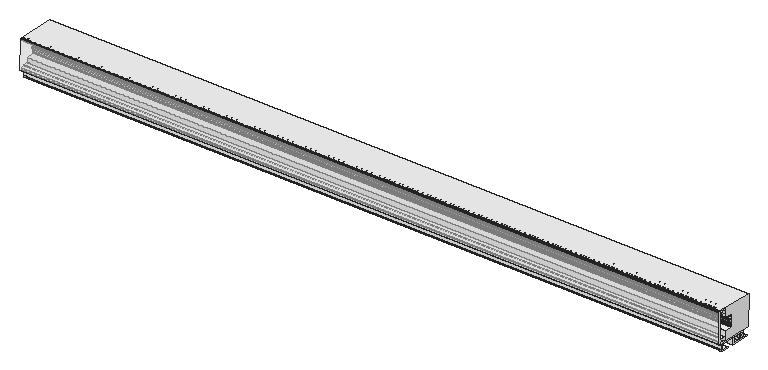
Revit family "2L-WS-D_AR", category Lighting Fixtures, host Face, Revit 2014
Parameters (values of type "2L-WS-D-4-NRW")
  Width = 2.500"  # constant formula
  Wattage = 34 W
  Warranty = "5-Years Warranty"  # constant formula
  built-in parameter 1150110 = 1 (stored number, unit not read)
  Voltage = 120 V
  Type Comments = "Lighting Fixture"  # constant formula
  built-in parameter 1114217 = 1 (stored number, unit not read)
  Tilt Angle = 90.00°
  built-in parameter 1150109 = 1 (stored number, unit not read)
  built-in parameter 1150134 = (empty or 0)
  built-in parameter 1150113 = 1 (stored number, unit not read)
  Starting Length = (Row Length / 2) * -1  # -24.000"
  Power Factor = 1
  Photometric Web File = "2L-WS-D-4-NRW-X-CX-35K-D035.ies"
  Photometric Notes = "More IES files download on Photometric Link"  # constant formula
  Row Length = 48.000"
  Wattage Comments = "18W"
  URL = "https://www.hubbell.com/litecontrol/en/"
  Mounting = "Perimeter"  # constant formula
  Model = "MOD™ 2 LED Perimeter Wall/Slot® Direct"  # constant formula
  Manufacturer = "Litecontrol Lighting"  # constant formula
  built-in parameter 1150105 = 265.15 (stored number, unit not read)
  Lumens = 3332 lm
  built-in parameter 1150115 = 1 (stored number, unit not read)
  Load Classification = Lighting
  built-in parameter 1150137 = (empty or 0)
  built-in parameter 1150139 = (empty or 0)
  built-in parameter 1150112 = 1 (stored number, unit not read)
  built-in parameter 1150114 = 1 (stored number, unit not read)
  Lamp = "LED"  # constant formula
  built-in parameter 1150132 = (empty or 0)
  built-in parameter 1150102 = (empty or 0)
  built-in parameter 1150107 = 3500 (stored number, unit not read)
  built-in parameter 1150138 = (empty or 0)
  built-in parameter 1150106 = 2.6515 (stored number, unit not read)
  Height = 10.500"  # constant formula
  Glass = Paint - Hubbell - Textured Matte White
  Fixture Distribution = "Direct"  # constant formula
  Features = "Variable Intensity technology provides specifiable\r\nlumen output/wattage\r\n• Perimeter mount with 4 regression depths\r\n• 2 SDCM color variation"  # constant formula
  Ending Length = (Row Length / 2)  # 24.000"
  Emit from Rectangle Width = Row Length - 1.000"  # 47.000"
  Emit from Rectangle Length = Width  # 2.500"
  Emit Shape Visible in Rendering = no
  built-in parameter 1150104 = 9.1045 (stored number, unit not read)
  Dimming Lamp Color Temperature Shift = <None>
  Description = "MOD™ 2 LED Perimeter Wall/Slot® Direct"  # constant formula
  Default Elevation = 48.000"
  Create Date = "02/18/2019"  # constant formula
  Copyright = "Copyright © 2019 Litecontrol"  # constant formula
  Contact Us = "https://www.hubbell.com/hubbelllightingci/en/contactUS"
  Color Filter = 16777215
  Circuiting = "1Circuit"  # constant formula
  Bulb = Glass - Hubbell - White
  built-in parameter 1114218 = 1 (stored number, unit not read)
  Housing Material = Paint - Hubbell - Matte White
  built-in parameter 1150133 = 10 (stored number, unit not read)
  Assembly Code = "D5020200"
  Application = "Commercial Indoor,Institutional,Retail,Education,Healthcare,Library,Office,Perimeter Lighting,Public Space"  # constant formula
  Apparent Load = 0 VA
Types (3): name | Photometric Web File
  (no name) | "2L-WS-D-4-NRW-X-CX-35K-D035.ies"
  2L-WS-D-4-NRW | "2L-WS-D-4-NRW-X-CX-35K-D035.ies"
  2L-WS-D-4-SOF | "2L-WSx-D-4-SOF-X-CX-35K-D035.ies"
Reference planes (in)
  plane 1 "Center (Front/Back)": y = 13.01342
  plane 2: z = 0
  plane 3 "Center (Left/Right)": x = 0
  plane 4: x = -24
  plane 5: x = 24
  plane 6: z = 2.5
  plane 7: z = 0.625
  plane 8: y = 14.29542
  plane 9: y = 11.73142
Forms (in)
  Extrusion 1, solid, material "Paint - Hubbell - Matte White" <- "Housing Material"
    sketch origin (0, 0, 0) x (0, 1, 0) y (0, 0, 1)
      loop
        line (14.29542, 2.5) -> (11.86412, 2.5) -> (11.86412, 2.45757) -> (12.37975, 2.45757) -> (12.37975, 1.95861) -> (12.87603, 1.89768) -> (12.87603, 1.08511) -> (12.40206, 1.02692) -> (12.37975, 0.51658) -> (11.87975, 0.51658) -> (11.87975, 0.4429) -> (14.29542, 0.4429) -> (14.29542, 2.5)
      loop
        line (11.73142, 2.45757) -> (11.73142, 0.51658) -> (11.81727, 0.51658) -> (11.81727, 0.58385) -> (12.09493, 0.66874)
        spline (12.09493, 0.66874) -> (12.13573, 0.62829) -> (12.16329, 0.60319) -> (12.18311, 0.59002) -> (12.20051, 0.58544) -> (12.21733, 0.5873) -> (12.23247, 0.59445) -> (12.24489, 0.60581) -> (12.2551, 0.621) -> (12.26478, 0.64008) -> (12.2755, 0.66316) -> (12.287, 0.6906) -> (12.2975, 0.72299)
        arc (12.2975, 0.72299) -> (12.28461, 0.74044) -> (12.26355, 0.73528) r 0.01957
        spline (12.26355, 0.73528) -> (12.19796, 0.67336) -> (12.16611, 0.66677) -> (12.14932, 0.68408) -> (12.1343, 0.70279) -> (12.11753, 0.71662) -> (12.09666, 0.72203) -> (12.06976, 0.71976) -> (12.03507, 0.71163) -> (11.99087, 0.69949) -> (11.93866, 0.68506) -> (11.88391, 0.66992) -> (11.83234, 0.65567)
        line (11.83234, 0.65567) -> (11.83234, 2.31848)
        spline (11.83234, 2.31848) -> (11.88391, 2.30422) -> (11.93866, 2.28909) -> (11.99087, 2.27465) -> (12.03507, 2.26251) -> (12.06976, 2.25439) -> (12.09666, 2.25212) -> (12.11753, 2.25752) -> (12.1343, 2.27136) -> (12.14932, 2.29007) -> (12.16611, 2.30737) -> (12.19796, 2.30079) -> (12.26355, 2.23886)
        arc (12.26355, 2.23886) -> (12.28461, 2.23371) -> (12.2975, 2.25115) r 0.01957
        spline (12.2975, 2.25115) -> (12.287, 2.28355) -> (12.2755, 2.31099) -> (12.26478, 2.33406) -> (12.2551, 2.35314) -> (12.24489, 2.36833) -> (12.23247, 2.3797) -> (12.21733, 2.38685) -> (12.20051, 2.38871) -> (12.18311, 2.38413) -> (12.16329, 2.37096) -> (12.13573, 2.34585) -> (12.09493, 2.3054)
        line (12.09493, 2.3054) -> (11.81727, 2.39029) -> (11.81727, 2.45757) -> (11.73142, 2.45757)
    from 24 <- "Ending Length" to -24 <- "Starting Length"
  Extrusion 2, solid, material "Paint - Hubbell - Matte White" <- "Housing Material"
    sketch origin (0, 0, 0) x (0, 1, 0) y (0, 0, 1)
      loop
        line (13.73893, 0.28651) -> (13.73893, 0.34654) -> (13.38127, 0.34654) -> (13.38127, 0.27501) -> (13.45408, 0.27501) -> (13.45408, 0.02465) -> (13.02871, 0.02465) -> (13.02871, 0.27501) -> (13.08619, 0.27501) -> (13.08619, 0.34654) -> (12.97634, 0.34654) -> (12.97634, -0.03056) -> (14.16829, -0.03056) -> (14.16829, 0.02465) -> (13.93692, 0.02465) -> (13.51539, 0.02465) -> (13.51539, 0.28651) -> (13.73893, 0.28651)
      loop
        line (13.74304, 0.18665) -> (13.57032, 0.18665) -> (13.57032, 0.13067) -> (13.73382, 0.13067)
        arc (13.73382, 0.13067) -> (13.79795, 0.15723) -> (13.82452, 0.22136) r 0.09069
        line (13.82452, 0.22136) -> (13.82452, 0.35165)
        arc (13.82452, 0.35165) -> (13.79795, 0.41578) -> (13.73382, 0.44235) r 0.09069
        line (13.73382, 0.44235) -> (12.09617, 0.44235)
        arc (12.09617, 0.44235) -> (12.03796, 0.42121) -> (12.00689, 0.36764) r 0.09069
        line (12.00689, 0.36764) -> (12.00689, 0.06165)
        arc (12.00689, 0.06165) -> (12.03796, 0.00808) -> (12.09617, -0.01306) r 0.09069
        line (12.09617, -0.01306) -> (12.49225, -0.01306) -> (12.49225, 0.04077) -> (12.08749, 0.04077)
        arc (12.08749, 0.04077) -> (12.06437, 0.05035) -> (12.05479, 0.07347) r 0.03269
        line (12.05479, 0.07347) -> (12.05479, 0.35582)
        arc (12.05479, 0.35582) -> (12.06437, 0.37894) -> (12.08749, 0.38852) r 0.03269
        line (12.08749, 0.38852) -> (13.74218, 0.38852)
        arc (13.74218, 0.38852) -> (13.76741, 0.37807) -> (13.77786, 0.35283) r 0.03568
        line (13.77786, 0.35283) -> (13.77786, 0.22147)
        arc (13.77786, 0.22147) -> (13.76766, 0.19685) -> (13.74304, 0.18665) r 0.03482
    from -24 <- "Starting Length" to 24 <- "Ending Length"
  Extrusion 3, solid, material "Glass - Hubbell - White" <- "Bulb"
    sketch origin (0, 0, 0) x (0, 1, 0) y (0, 0, 1)
      loop
        line (12.86642, 1.61441) -> (12.78239, 1.61441) -> (12.78239, 1.55936) -> (12.70029, 1.55936) -> (12.70029, 1.40771) -> (12.78239, 1.40771) -> (12.78239, 1.36908) -> (12.86642, 1.36908) -> (12.86642, 1.61441)
      loop
        line (12.87603, 1.68936) -> (12.87603, 1.89768) -> (12.78239, 1.90918) -> (12.78239, 1.84081) -> (12.80724, 1.81595) -> (12.80724, 1.76862) -> (12.84329, 1.76862) -> (12.84329, 1.68936) -> (12.87603, 1.68936)
      loop
        line (12.87603, 1.29413) -> (12.84329, 1.29413) -> (12.84329, 1.21487) -> (12.80724, 1.21487) -> (12.80724, 1.16754) -> (12.78239, 1.14269) -> (12.78239, 1.07432) -> (12.87603, 1.08581) -> (12.87603, 1.29413)
    from -24 <- "Starting Length" to 24 <- "Ending Length"
Dimensions and locks (in)
  "Row Length": plane 5 to plane 4
  equal spacing: plane 5, plane 3 "Center (Left/Right)", plane 4
  "Width": plane 6 to plane 2
  plane 6 to plane 2 = 2.500"
  plane 6 to host face = 2.500"
  plane 8 to plane 9 = 2.564"
  aligned and locked: plane 2 to host face
  aligned and locked: level to host face
  aligned and locked: imposter light to plane 3 "Center (Left/Right)"
Automatic sketch dimensions
  host sketch curve to host sketch curve = 96.000"  (x2)
  Extrusion 1 sketch curve to plane 9 = 0.000"
  Extrusion 1 sketch curve to plane 6 = 0.000"
  Extrusion 1 sketch curve to plane 8 = 0.000"
  Extrusion 1 sketch curve to plane 9 = 0.08585"
  Extrusion 1 sketch curve to Extrusion 1 sketch curve = 0.08585"
  plane 7 to Extrusion 1 sketch curve = 0.03067"
  Extrusion 1 sketch curve to Extrusion 1 sketch curve = 0.01507"
  Extrusion 1 sketch curve to Extrusion 1 sketch curve = 0.04685"
  Extrusion 1 sketch curve to Extrusion 1 sketch curve = 0.2626"  (x2)
  plane 7 to Extrusion 1 sketch curve = 0.04374"
  plane 7 to Extrusion 1 sketch curve = 0.11028"
  Extrusion 1 sketch curve to Extrusion 1 sketch curve = 0.16862"  (x2)
  Extrusion 1 sketch curve to plane 6 = 0.26114"
  Extrusion 1 sketch curve to Extrusion 1 sketch curve = 0.01441"  (x2)
  Extrusion 1 sketch curve to plane 6 = 0.24885"
  Extrusion 1 sketch curve to Extrusion 1 sketch curve = 0.01954"  (x2)
  plane 7 to Extrusion 1 sketch curve = 0.09799"
  Extrusion 1 sketch curve to Extrusion 1 sketch curve = 0.1162"
  Extrusion 1 sketch curve to plane 7 = 0.10842"
  Extrusion 1 sketch curve to Extrusion 1 sketch curve = 0.08225"
  Extrusion 1 sketch curve to Extrusion 1 sketch curve = 0.10456"
  plane 1 "Center (Front/Back)" to Extrusion 1 sketch curve = 0.13739"
  Extrusion 1 sketch curve to Extrusion 1 sketch curve = 0.07368"  (x2)
  Extrusion 1 sketch curve to plane 7 = 0.04115"
  Extrusion 1 sketch curve to Extrusion 1 sketch curve = 0.30392"
  plane 7 to Extrusion 1 sketch curve = 0.46011"
  Extrusion 1 sketch curve to plane 6 = 0.60232"
  Extrusion 1 sketch curve to Extrusion 1 sketch curve = 0.28025"
  Extrusion 1 sketch curve to Extrusion 1 sketch curve = 0.06654"
  Extrusion 1 sketch curve to plane 6 = 0.18152"
  Extrusion 1 sketch curve to Extrusion 1 sketch curve = 0.07181"
  Extrusion 1 sketch curve to plane 6 = 0.04243"  (x2)
  Extrusion 1 sketch curve to Extrusion 1 sketch curve = 0.06248"
  Extrusion 2 sketch curve to level = 0.03056"
  Extrusion 2 sketch curve to plane 9 = 0.27547"
  Extrusion 2 sketch curve to Extrusion 2 sketch curve = 0.0479"
  Extrusion 2 sketch curve to Extrusion 2 sketch curve = 0.03269"  (x2)
  Extrusion 2 sketch curve to level = 0.01306"
  Extrusion 2 sketch curve to Extrusion 2 sketch curve = 0.00868"  (x2)
  Extrusion 2 sketch curve to Extrusion 2 sketch curve = 0.39608"
  plane 1 "Center (Front/Back)" to Extrusion 2 sketch curve = 0.03708"
  Extrusion 2 sketch curve to plane 1 "Center (Front/Back)" = 0.01529"
  Extrusion 2 sketch curve to plane 1 "Center (Front/Back)" = 0.07277"
  Extrusion 2 sketch curve to Extrusion 2 sketch curve = 0.29507"
  Extrusion 2 sketch curve to Extrusion 2 sketch curve = 0.07281"
  Extrusion 2 sketch curve to Extrusion 2 sketch curve = 0.06131"
  Extrusion 2 sketch curve to Extrusion 2 sketch curve = 0.05493"
  Extrusion 2 sketch curve to Extrusion 2 sketch curve = 0.21843"
  Extrusion 2 sketch curve to Extrusion 2 sketch curve = 0.000"  (x3)
  Extrusion 2 sketch curve to Extrusion 2 sketch curve = 0.00511"  (x2)
  Extrusion 2 sketch curve to Extrusion 2 sketch curve = 0.00325"
  Extrusion 2 sketch curve to Extrusion 2 sketch curve = 0.00922"
  Extrusion 2 sketch curve to Extrusion 2 sketch curve = 0.03568"
  Extrusion 2 sketch curve to Extrusion 2 sketch curve = 0.04665"
  level to Extrusion 2 sketch curve = 0.02465"  (x2)
  Extrusion 2 sketch curve to Extrusion 2 sketch curve = 0.11241"
  plane 8 to Extrusion 2 sketch curve = 0.12713"
  level to Extrusion 2 sketch curve = 0.04077"
  Extrusion 2 sketch curve to Extrusion 2 sketch curve = 0.01181"
  level to Extrusion 2 sketch curve = 0.13067"
  Extrusion 2 sketch curve to Extrusion 2 sketch curve = 0.05598"
  Extrusion 2 sketch curve to Extrusion 2 sketch curve = 0.25037"
  Extrusion 2 sketch curve to Extrusion 2 sketch curve = 0.08836"
  Extrusion 2 sketch curve to Extrusion 2 sketch curve = 0.0115"
  Extrusion 2 sketch curve to Extrusion 2 sketch curve = 0.07153"  (x2)
  Extrusion 2 sketch curve to Extrusion 2 sketch curve = 0.09069"
  Extrusion 2 sketch curve to Extrusion 2 sketch curve = 0.00629"
  plane 1 "Center (Front/Back)" to Extrusion 3 sketch curve = 0.31313"
  Extrusion 3 sketch curve to Extrusion 3 sketch curve = 0.0821"  (x2)
  Extrusion 3 sketch curve to Extrusion 3 sketch curve = 0.000"  (x2)
  Extrusion 3 sketch curve to Extrusion 3 sketch curve = 0.02486"  (x4)
  Extrusion 3 sketch curve to Extrusion 3 sketch curve = 0.03604"  (x2)
  Extrusion 3 sketch curve to Extrusion 3 sketch curve = 0.02313"
  Extrusion 3 sketch curve to Extrusion 3 sketch curve = 0.09364"  (x2)
  plane 7 to Extrusion 3 sketch curve = 0.44932"
  Extrusion 3 sketch curve to Extrusion 3 sketch curve = 0.0115"
  Extrusion 3 sketch curve to Extrusion 3 sketch curve = 0.06837"  (x2)
  Extrusion 3 sketch curve to Extrusion 3 sketch curve = 0.04733"  (x2)
  Extrusion 3 sketch curve to Extrusion 3 sketch curve = 0.07926"  (x2)
  Extrusion 3 sketch curve to Extrusion 3 sketch curve = 0.07495"  (x2)
  Extrusion 3 sketch curve to Extrusion 3 sketch curve = 0.03864"
  Extrusion 3 sketch curve to Extrusion 3 sketch curve = 0.15164"
  Extrusion 3 sketch curve to Extrusion 3 sketch curve = 0.05506"
  Extrusion 3 sketch curve to Extrusion 3 sketch curve = 0.08173"
Connectors (in)
  electrical at (0, 13.07977, 2.5)
    settings: on Extrusion 1, index 1, voltage 120 V, apparent load 0 VA, apparent load phase1 0 VA, apparent load phase2 0 VA, apparent load phase3 0 VA, power factor 1, load classification "Other", number of poles 1, system type 30, power factor state 1, is connector primary yes, connector utility no, sub classification motor no, connector description "Lighting Connector"
